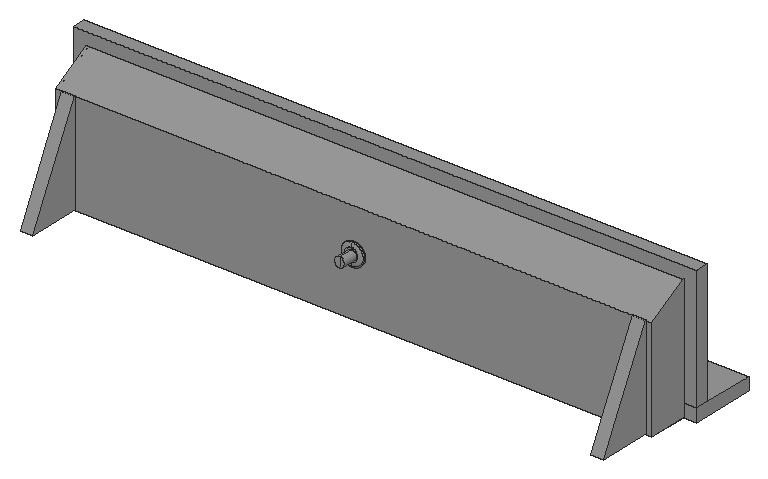
Revit family "Multi_Station_Sink-Willougby-CWMES-9620", category Plumbing Fixtures, Revit 2015
Parameters (values of type "9620")
  Width = 8' - 0"
  Waste DIA = 1 1/2"
  Waste Connection = yes
  Vent Connection = no
  URL = "https://www.willoughby-ind.com/wp-content/uploads/2018/01/CWMES.pdf"
  Type Comments = ""
  Revision = "A"
  Model = "CWMES-9620"
  Manufacturer = "Willoughby Industries"
  HW Connection = no
  Fixture Body = Stainless Steel AISI 304-Willoughby(4)
  Description = "Multi-Station Hand Sink, 96\" Wide, 4 Station"
  Default Elevation = 0' - 0"
  Contact = "(800) 428-4065"
  CW Connection = no
  72" x 20" = yes
Reference planes (in)
  plane 1 "Center (Front/Back)": y = 0
  plane 2: z = 0
  plane 3 "Center (Left/Right)": x = 0
  plane 4 "Left Side": x = -48
  plane 5 "Right Side": x = 48
  plane 6 "Top Of Sink": y = 34
  plane 7 "Top Of Unit": y = 42
  plane 8 "Bottom Of Sink": y = 26
  plane 9 "Mounting Brkt": y = 18
  plane 10: z = 9.125
Forms (in)
  Extrusion 1, solid, material "Stainless Steel AISI 304-Willoughby(4)" <- "Fixture Body"
    sketch origin (0, 0, 0) x (1, 0, 0) y (0, 1, 0)
      loop
        line (-48, 42) -> (-48, 32) -> (-46, 32) -> (-46, 26) -> (46, 26) -> (46, 32) -> (48, 32) -> (48, 42) -> (-48, 42)
    from 0 to 2
  Extrusion 2, solid, material "Stainless Steel AISI 304-Willoughby(4)" <- "Fixture Body"
    sketch origin (0, 0, 0) x (0, 1, 0) y (0, 0, 1)
      loop
        line (34, 0) -> (34, 20.21818) -> (26, 15.75) -> (26, 0) -> (34, 0)
    from -46 to 46
  Sweep 3, solid, material "Stainless Steel AISI 304-Willoughby(4)" <- "Fixture Body"
    path origin (0, 0, 0) x (1, 0, 0) y (0, 0, 1)
      loop
        line (-46, 2) -> (-46, 19) -> (46, 19) -> (46, 2)
    profile origin (-46, 0, 10.5) x (-1, 0, 0) y (0, -1, 0)
      loop
        line (0, -32) -> (0, -34) -> (2, -34) -> (2, -32) -> (0, -32)
  Extrusion 4, void
    sketch origin (0, 0, 0) x (0, 1, 0) y (0, 0, 1)
      loop
        line (34, 2.25) -> (34, 19.97446) -> (26.25, 15.5) -> (26.25, 2.25) -> (34, 2.25)
    from -45.75 to 45.75
  Revolve 5, solid, material "Stainless Steel AISI 304-Willoughby(4)" <- "Fixture Body", detail levels fine
    sketch origin (0, 0, 0) x (0, 1, 0) y (0, 0, 1)
      loop
        line (26.29904, 9.125) -> (26.29904, 10.875) -> (25.88111, 10.875)
        arc (25.88111, 10.875) -> (25.8068, 10.85556) -> (25.75153, 10.80221) r 0.15173
        arc (25.75153, 10.80221) -> (25.6098, 10.48813) -> (25.54904, 10.14895) r 1.40076
        line (25.54904, 10.14895) -> (25.54904, 9.125) -> (26.29904, 9.125)
      axis (25.54904, 9.125) -> (26.29904, 9.125)
    angle from 0 to 360
  Revolve 6, solid, material "Stainless Steel AISI 304-Willoughby(4)" <- "Fixture Body", detail levels fine
    sketch origin (0, 0, 0) x (0, 1, 0) y (0, 0, 1)
      loop
        line (25.54904, 9.125) -> (25.54904, 9.875) -> (23.29904, 9.875) -> (23.29904, 9.125) -> (25.54904, 9.125)
      axis (23.29904, 9.125) -> (25.54904, 9.125)
    angle from 0 to 360
  Extrusion 7, solid, material "Stainless Steel AISI 304-Willoughby(4)" <- "Fixture Body", detail levels medium+fine
    sketch origin (0, 0, 0) x (0, 1, 0) y (0, 0, 1)
      loop
        line (26, 0) -> (26, 15.75) -> (18, 0) -> (26, 0)
    from -45 to -43
  Extrusion 8, solid, material "Stainless Steel AISI 304-Willoughby(4)" <- "Fixture Body", detail levels medium+fine
    sketch origin (0, 0, 0) x (0, 1, 0) y (0, 0, 1)
      loop
        line (26, 0) -> (26, 15.75) -> (18, 0) -> (26, 0)
    from 45 to 43
Cuts and joins
  Extrusion 4 cuts Extrusion 2
  Extrusion 4 cuts Sweep 3
Lines and regions (in)
  symbolic lines
    curve 1: line (-48, 32, 0) -> (-48, 42, 0)
    curve 2: line (-48, 42, 0) -> (48, 42, 0)
    curve 3: line (48, 42, 0) -> (48, 32, 0)
    curve 4: line (-48, 32, 0) -> (-46, 32, 0)
    curve 5: line (-46, 32, 0) -> (46, 32, 0)
    curve 6: line (46, 32, 0) -> (48, 32, 0)
    curve 7: line (46, 32, 0) -> (46, 26, 0)
    curve 8: line (46, 26, 0) -> (-46, 26, 0)
    curve 9: line (-46, 26, 0) -> (-46, 32, 0)
    curve 19: line (-1.75, 26, 0) -> (-1.75, 25.8956, 0)
    curve 20: line (1.75, 26, 0) -> (1.75, 25.8956, 0)
    curve 30: line (48, 0, 0) -> (48, 0, 21)
    curve 31: line (48, 0, 21) -> (-48, 0, 21)
    curve 32: line (-48, 0, 21) -> (-48, 0, 0)
    curve 33: line (-48, 0, 0) -> (48, 0, 0)
    curve 40: line (0, 26, 0) -> (0, 42, 0)
    curve 41: line (0, 42, 0) -> (0, 42, 2)
    curve 42: line (0, 42, 2) -> (0, 26, 2)
    curve 43: line (0, 34, 2) -> (0, 34, 21)
    curve 44: line (0, 34, 21) -> (0, 32, 21)
    curve 45: line (0, 32, 21) -> (0, 32, 0)
    curve 46: line (0, 34, 0) -> (0, 34, 2)
    curve 47: line (0, 34, 20.21818) -> (0, 26, 15.75)
    curve 48: line (0, 26, 15.75) -> (0, 26, 0)
  symbolic lines, detail levels medium+fine
    curve 10: line (-45, 26, 0) -> (-45, 18, 0)
    curve 11: line (-45, 18, 0) -> (-43, 18, 0)
    curve 12: line (-43, 18, 0) -> (-43, 26, 0)
    curve 13: line (45, 26, 0) -> (45, 18, 0)
    curve 14: line (45, 18, 0) -> (43, 18, 0)
    curve 15: line (43, 18, 0) -> (43, 26, 0)
    curve 29: line (-48, 34, 0) -> (48, 34, 0)
    curve 34: line (48, 0, 2) -> (-48, 0, 2)
    curve 35: line (-45.75, 0, 2) -> (-45.75, 0, 19.97446)
    curve 36: line (-45.75, 0, 19.97446) -> (45.75, 0, 19.97446)
    curve 37: line (45.75, 0, 19.97446) -> (45.75, 0, 2)
    curve 49: line (0, 26, 15.75) -> (0, 18, 0)
    curve 50: line (0, 18, 0) -> (0, 26, 0)
  symbolic lines, detail levels fine
    curve 16: line (0.75, 23.29904, 0) -> (0.75, 25.54904, 0)
    curve 17: line (0.75, 23.29904, 0) -> (-0.75, 23.29904, 0)
    curve 18: line (-0.75, 23.29904, 0) -> (-0.75, 25.54904, 0)
    curve 21: arc (1.75, 25.8956, 0) -> (1.73479, 25.80933, 0) -> (1.69099, 25.73346, 0) r 0.25224
    curve 22: arc (1.69099, 25.73346, 0) -> (1.59703, 25.68665, 0) -> (1.49937, 25.64815, 0) r 1.2101
    curve 23: arc (1.49937, 25.64815, 0) -> (1.27107, 25.58065, 0) -> (1.03766, 25.53377, 0) r 2.66813
    curve 24: arc (1.03766, 25.53377, 0) -> (0.89383, 25.53185, 0) -> (0.75, 25.53377, 0) r 5.39805
    curve 25: line (0.75, 25.54904, 0) -> (-0.75, 25.54904, 0)
    curve 26: arc (-1.75, 25.8956, 0) -> (-1.73113, 25.8105, 0) -> (-1.67807, 25.74134, 0) r 0.20137
    curve 27: arc (-1.67807, 25.74134, 0) -> (-1.38605, 25.60652, 0) -> (-1.07056, 25.54395, 0) r 1.36168
    curve 28: arc (-1.07056, 25.54395, 0) -> (-0.90887, 25.53769, 0) -> (-0.74718, 25.54395, 0) r 2.09106
    curve 38: circle (0, 0, 9.125) r 0.75 normal (0, -1, 0)
    curve 39: circle (0, 0, 9.125) r 1.75 normal (0, -1, 0)
Dimensions and locks (in)
  equal spacing: plane 4 "Left Side", plane 3 "Center (Left/Right)", plane 5 "Right Side"
  "Width": plane 4 "Left Side" to plane 5 "Right Side"
  locked: plane 4 "Left Side" to cut or joined group of Extrusion 2, Extrusion 4 at 2
  locked: cut or joined group of Extrusion 2, Extrusion 4 to plane 5 "Right Side" at 2
  locked: plane 4 "Left Side" to Extrusion 7 at 3
  locked: Extrusion 8 to plane 5 "Right Side" at 3
  locked: Extrusion 7 to Extrusion 7 at 2
  locked: Extrusion 8 to Extrusion 8 at 2
  locked: cut or joined group of Extrusion 2, Extrusion 4 to cut or joined group of Extrusion 2, Extrusion 4 at 0.25  (x2)
  aligned and locked: Extrusion 1 to plane 7 "Top Of Unit"
  aligned and locked: Extrusion 1 to plane 5 "Right Side"
  aligned and locked: Extrusion 1 to plane 8 "Bottom Of Sink"
  aligned and locked: Extrusion 1 to level
  aligned and locked: plane 4 "Left Side" to Extrusion 1
  aligned and locked: plane 6 "Top Of Sink" to Extrusion 2
  aligned and locked: Extrusion 2 to plane 8 "Bottom Of Sink"
  aligned and locked: Extrusion 2 to level
  aligned and locked: Extrusion 2 to Extrusion 1
  aligned and locked: Revolve 5 sketch curve to Revolve 5 sketch curve  (x2)
  aligned and locked: Revolve 6 sketch curve to Revolve 6 sketch curve  (x2)
  aligned and locked: plane 8 "Bottom Of Sink" to Extrusion 7
  aligned and locked: Extrusion 7 to level
  aligned and locked: Extrusion 8 to plane 8 "Bottom Of Sink"
  aligned and locked: curve 1 to Extrusion 1
Automatic sketch dimensions
  Extrusion 1 sketch curve to plane 4 "Left Side" = 0' - 0"
  Extrusion 1 sketch curve to plane 8 "Bottom Of Sink" = 0' - 0"
  Extrusion 1 sketch curve to plane 5 "Right Side" = 0' - 0"
  Extrusion 1 sketch curve to plane 7 "Top Of Unit" = 0' - 0"
  Extrusion 1 sketch curve to Extrusion 1 sketch curve = 0' - 2"
  plane 5 "Right Side" to Extrusion 1 sketch curve = 0' - 2"
  Extrusion 1 sketch curve to plane 6 "Top Of Sink" = 0' - 2"  (x2)
  Extrusion 2 sketch curve to plane 8 "Bottom Of Sink" = 0' - 0"
  Extrusion 2 sketch curve to level = 0' - 0"
  plane 6 "Top Of Sink" to Extrusion 2 sketch curve = 0' - 0"
  level to Extrusion 2 sketch curve = 1' - 3 3/4"
  Extrusion 2 sketch curve to Extrusion 2 sketch curve = 0' - 4.46818"
  Sweep 3 sketch curve to profile plane = 0' - 0"
  Sweep 3 sketch curve to profile plane = 0' - 2"
  Sweep 3 sketch curve to plane 1 "Center (Front/Back)" = 2' - 10"
  Sweep 3 sketch curve to Sweep 3 sketch curve = 0' - 2"
  Sweep 3 sketch curve to plane 4 "Left Side" = 0' - 2"
  level to Sweep 3 sketch curve = 1' - 7"
  plane 5 "Right Side" to Sweep 3 sketch curve = 0' - 2"
  level to Sweep 3 sketch curve = 0' - 2"  (x2)
  Extrusion 4 sketch curve to plane 6 "Top Of Sink" = 0' - 0"
  plane 8 "Bottom Of Sink" to Extrusion 4 sketch curve = 0' - 0 1/4"
  Extrusion 4 sketch curve to Extrusion 4 sketch curve = 1' - 1 1/4"
  Extrusion 4 sketch curve to Extrusion 4 sketch curve = 0' - 4.47446"
  level to Extrusion 4 sketch curve = 0' - 2 1/4"
  Revolve 5 sketch curve to plane 10 = 0' - 0"
  Revolve 5 sketch curve to plane 8 "Bottom Of Sink" = 0' - 0.45096"
  Revolve 5 sketch curve to plane 8 "Bottom Of Sink" = 0' - 0.11889"
  plane 8 "Bottom Of Sink" to Revolve 5 sketch curve = 0' - 0.29904"
  plane 8 "Bottom Of Sink" to Revolve 5 sketch curve = 0' - 0.94776"
  plane 10 to Revolve 5 sketch curve = 0' - 0.9484"
  plane 10 to Revolve 5 sketch curve = 0' - 1.02395"
  Revolve 5 sketch curve to Revolve 5 sketch curve = 0' - 0.57432"
  Revolve 5 sketch curve to Revolve 5 sketch curve = 0' - 0.15173"
  Revolve 5 sketch curve to Revolve 5 sketch curve = 0' - 0"
  Revolve 6 sketch curve to plane 10 = 0' - 0"
  Revolve 6 sketch curve to plane 8 "Bottom Of Sink" = 0' - 2.70096"
  Revolve 6 sketch curve to plane 8 "Bottom Of Sink" = 0' - 0.45096"
  plane 10 to Revolve 6 sketch curve = 0' - 0 3/4"
  Revolve 6 sketch curve to Revolve 6 sketch curve = 0' - 0"
  Extrusion 7 sketch curve to level = 0' - 0"
  Extrusion 7 sketch curve to plane 9 "Mounting Brkt" = 0' - 0"
  Extrusion 7 sketch curve to plane 8 "Bottom Of Sink" = 0' - 0"
  plane 10 to Extrusion 7 sketch curve = 0' - 6 5/8"
  Extrusion 8 sketch curve to level = 0' - 0"
  Extrusion 8 sketch curve to plane 9 "Mounting Brkt" = 0' - 0"
  Extrusion 8 sketch curve to plane 8 "Bottom Of Sink" = 0' - 0"
  plane 10 to Extrusion 8 sketch curve = 0' - 6 5/8"
  curve 9 to plane 8 "Bottom Of Sink" = 0' - 0"
  curve 11 to plane 9 "Mounting Brkt" = 0' - 0"
  plane 9 "Mounting Brkt" to curve 15 = 0' - 0"
  curve 6 to plane 5 "Right Side" = 0' - 0"
  curve 29 to plane 6 "Top Of Sink" = 0' - 0"
  curve 1 to plane 7 "Top Of Unit" = 0' - 0"
  curve 9 to plane 4 "Left Side" = 0' - 2"
  curve 11 to plane 4 "Left Side" = 0' - 3"
  curve 10 to curve 12 = 0' - 2"
  curve 19 to plane 8 "Bottom Of Sink" = 0' - 0.1044"
  curve 19 to plane 3 "Center (Left/Right)" = 0' - 1 3/4"
  curve 26 to curve 26 = 0' - 0.20137"
  curve 27 to plane 3 "Center (Left/Right)" = 0' - 0.96527"
  curve 27 to curve 28 = 0' - 0.0564"
  curve 18 to plane 3 "Center (Left/Right)" = 0' - 0 3/4"
  plane 3 "Center (Left/Right)" to curve 23 = 0' - 0.62947"
  plane 3 "Center (Left/Right)" to curve 17 = 0' - 0 3/4"
  plane 3 "Center (Left/Right)" to curve 24 = 0' - 0.89388"
  plane 3 "Center (Left/Right)" to curve 22 = 0' - 1.10484"
  curve 21 to plane 8 "Bottom Of Sink" = 0' - 0.1044"
  curve 16 to curve 21 = 0' - 0.74776"
  curve 21 to curve 20 = 0' - 0.25224"
  plane 5 "Right Side" to curve 15 = 0' - 5"
  curve 14 to curve 13 = 0' - 2"
  curve 13 to curve 8 = 0' - 1"
  curve 16 to plane 8 "Bottom Of Sink" = 0' - 2.70096"
  curve 16 to plane 8 "Bottom Of Sink" = 0' - 0.45096"
  plane 8 "Bottom Of Sink" to curve 22 = 0' - 0.79213"
  plane 8 "Bottom Of Sink" to curve 27 = 0' - 0.90155"
  curve 27 to curve 28 = 0' - 0.7272"
  curve 22 to curve 23 = 0' - 1.37836"
  curve 23 to curve 24 = 0' - 2.75941"
  curve 5 to plane 6 "Top Of Sink" = 0' - 2"
  curve 26 to curve 26 = 0' - 0.07193"
  curve 28 to curve 27 = 0' - 0"
  curve 18 to curve 28 = 0' - 0.00282"
  curve 24 to curve 23 = 0' - 0.28766"
  curve 21 to curve 23 = 0' - 0.00161"
  curve 22 to curve 23 = 0' - 0"
  curve 38 to curve 39 = 0' - 0"  (x2)
  plane 4 "Left Side" to curve 34 = 0' - 0"
  curve 38 to plane 3 "Center (Left/Right)" = 0' - 0"
  plane 5 "Right Side" to curve 31 = 0' - 0"
  curve 33 to level = 0' - 0"
  curve 38 to plane 10 = 0' - 0"
  curve 35 to plane 4 "Left Side" = 0' - 2 1/4"
  plane 5 "Right Side" to curve 37 = 0' - 2 1/4"
  plane 10 to curve 37 = 0' - 10.84946"
  curve 36 to curve 30 = 0' - 1.02554"
  level to curve 34 = 0' - 2"
  curve 50 to plane 9 "Mounting Brkt" = 0' - 0"
  curve 49 to level = 0' - 0"
  curve 40 to plane 8 "Bottom Of Sink" = 0' - 0"
  curve 46 to plane 6 "Top Of Sink" = 0' - 0"
  curve 47 to plane 6 "Top Of Sink" = 0' - 0"
  curve 41 to plane 7 "Top Of Unit" = 0' - 0"
  curve 44 to plane 6 "Top Of Sink" = 0' - 2"
  level to curve 42 = 0' - 2"
  plane 10 to curve 49 = 0' - 6 5/8"
  curve 47 to curve 45 = 0' - 5 1/4"
  curve 47 to curve 43 = 0' - 0.78182"
  radius of curve 38 = 0' - 0 3/4"
  radius of curve 39 = 0' - 1 3/4"
Connectors (in)
  piping at (0, 23.29904, 9.125), diameter 1.5, driven by "Waste DIA", driven by "Waste Connection"
    settings: on Revolve 6, index 1, connector inside diameter 24", connector length 0' - 0", flow factor 0, pipe flow 0 GPM, pressure drop 0.00 psi, fitting loss kfactor 0, connector angle 0.00°, fixture units 0, engagement length 0' - 0", angle of deflection 0.00°, flow configuration 0, flow direction 2, fitting loss method 0, system type 16, joint type 0, gender type 0, connector reference index -1, connector utility 1, adjustable connector no, is connector primary yes, connector description "Sink Waste"
